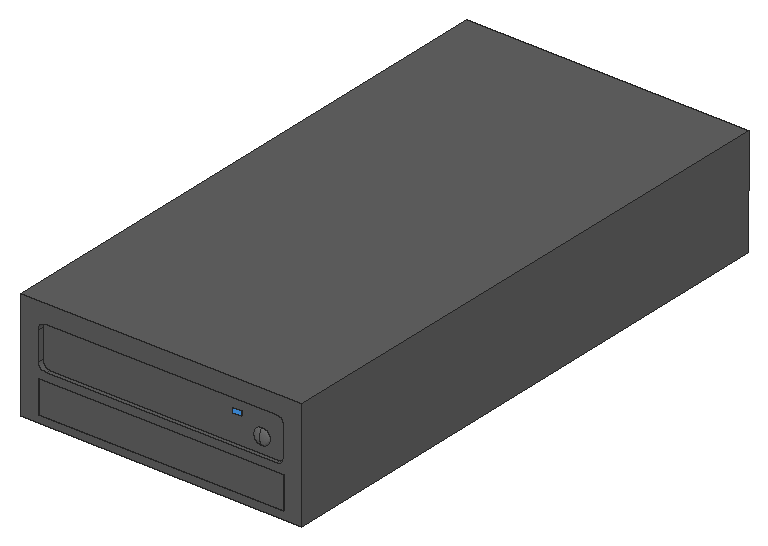
Revit family "Network IO Expander-Audio-Q-SYS-QIO-TEL2", category Communication Devices, host Face, Revit 2022
Family settings
  Host = Face
  Round Connector Dimension = Use Diameter
  Part Type = Normal
  OmniClass Number = 23.85.10.17.11
  OmniClass Title = Audio-Visual System Components
  Cut with Voids When Loaded = No
  Maintain Annotation Orientation = No
  Shared = No
  Room Calculation Point = No
Parameters (values of type "TEL2")
  Width = 109.0 mm
  Weight Product = 1.63
  Weight Dimensional = 1.63
  Weight = 1.63 lbm
  Voltage = 24 V
  URL = "https://www.qsys.com/"
  Type Comments = "TEL2"
  Product Page URL = "https://www.qsys.com/products/q-sys/control-io-controllers/qio-series/qio-tel2/?L=0"
  Product Documentation Link = "https://www.qsys.com/resource-files/productresources/dn/qio_series/q_dn_qio_tel2_spec_sheet.pdf"
  Power Factor = 0.9
  Part Number = ""
  Number of Poles = 2
  Model = "TEL2"
  Minimum Circuit Amps = 2.5 A
  Manufacturer URL = "https://www.qsys.com/"
  Manufacturer = "Q-SYS"
  Load Classification = Other
  Length 1 = 3.0 mm
  LED Material = Plastic - Q-SYS - LED Blue
  IQ Category = "Network IO Expander"  # constant formula
  Highlight Material = Plastic - Q-SYS - Black
  Height = 42.4 mm
  Grille Material = Paint - Q-SYS - Black Mesh 2
  Frame Depth = 2.0 mm
  Description = "Surface mounted analog telephony expander for Q-SYS platform."
  Depth = 215.9 mm
  Default Elevation = 1219.2 mm
  Body Width = Width  # 109.0 mm
  Body Offset = 0.0 mm
  Body Material = Paint - Q-SYS - Black
  Apparent Load = Voltage * Minimum Circuit Amps / Power Factor  # 66.6667 VA
Reference planes
  plane 1 "Center (Front/Back)": y = 0
  plane 2: z = 0
  plane 3 "Center (Left/Right)": x = 0
  plane 4 "Back": y = 107.95
  plane 5 "Front": y = -107.95
  plane 6 "Left": x = -54.5
  plane 7 "Right": x = 54.5
  plane 8 "body left": x = -54.5
  plane 9 "body right": x = 54.5
  plane 10 "Bottom": z = 0
  plane 11 "Top": z = 42.4
  plane 12 "body bottom": z = 0
  plane 13: z = 35.4
  plane 14: z = 18.4
  plane 15: x = -47.5
  plane 16: x = 47.5
  plane 17: y = -105.95
  plane 18: x = 37.5
  plane 19: z = 24.4
  plane 20: y = -103.95
Forms (mm)
  Extrusion 1, solid, detail levels coarse
    sketch origin (0, 0, 0) x (1, 0, 0) y (0, 1, 0)
      loop
        line (-54.5, 107.95) -> (-54.5, -107.95) -> (54.5, -107.95) -> (54.5, 107.95) -> (-54.5, 107.95)
    from 0 to 42.4
  Extrusion 2, solid, material "Paint - Q-SYS - Black" <- "Body Material", detail levels medium+fine
    sketch origin (0, 0, 42.4) x (-1, 0, 0) y (0, -1, 0)
      loop
        line (54.5, -107.95) -> (54.5, 107.95) -> (-54.5, 107.95) -> (-54.5, -107.95) -> (54.5, -107.95)
    from -42.4 to 0
  Extrusion 3, void
    sketch origin (0, -107.95, 0) x (-1, 0, 0) y (0, 0, 1)
      loop
        line (44.5, 35.4) -> (-44.5, 35.4)
        arc (-44.5, 35.4) -> (-46.621, 34.521) -> (-47.5, 32.4) r 3
        line (-47.5, 32.4) -> (-47.5, 21.4)
        arc (-47.5, 21.4) -> (-46.621, 19.279) -> (-44.5, 18.4) r 3
        line (-44.5, 18.4) -> (44.5, 18.4)
        arc (44.5, 18.4) -> (46.621, 19.279) -> (47.5, 21.4) r 3
        line (47.5, 21.4) -> (47.5, 32.4)
        arc (47.5, 32.4) -> (46.621, 34.521) -> (44.5, 35.4) r 3
    from 0 to 2
  Extrusion 4, void
    sketch origin (0, -107.95, 0) x (-1, 0, 0) y (0, 0, 1)
      loop
        line (-47.5, 15.4) -> (-47.5, 3) -> (47.5, 3) -> (47.5, 15.4) -> (-47.5, 15.4)
    from 2 to 0
  Extrusion 5, solid, material "Paint - Q-SYS - Black Mesh 2" <- "Grille Material", detail levels medium+fine
    sketch origin (0, -107.95, 0) x (-1, 0, 0) y (0, 0, 1)
      loop
        line (-47.5, 15.4) -> (-47.5, 3) -> (47.5, 3) -> (47.5, 15.4) -> (-47.5, 15.4)
    from 2 to 0
  Revolve 6, solid, material "Plastic - Q-SYS - Black" <- "Highlight Material", detail levels fine
    sketch origin (37.5, -4572, 54.072) x (0, 0, 1) y (0, -1, 0)
      loop
        line (-29.672, -4466.05) -> (-26.63, -4466.05)
        spline (-26.63, -4466.05) -> (-26.656, -4465.919) -> (-26.733, -4465.791) -> (-26.861, -4465.667) -> (-27.037, -4465.55) -> (-27.258, -4465.441) -> (-27.521, -4465.343) -> (-27.82, -4465.257) -> (-28.151, -4465.184) -> (-28.507, -4465.126) -> (-28.884, -4465.084) -> (-29.275, -4465.059) -> (-29.672, -4465.05)
        line (-29.672, -4465.05) -> (-29.672, -4466.05)
      axis (-29.672, -4466.05) -> (-29.672, -4465.05)
    angle from 0 to 360
  Extrusion 7, solid, material "Plastic - Q-SYS - LED Blue" <- "LED Material", detail levels fine
    sketch origin (-210.176, -103.95, 1219.2) x (-1, 0, 0) y (0, 0, 1)
      loop
        line (-236.544, -1188.705) -> (-239.792, -1188.705) -> (-239.792, -1190.329) -> (-236.544, -1190.329) -> (-236.544, -1188.705)
    from 0 to -2.2
  Extrusion 8, solid, material "Paint - Q-SYS - Black" <- "Body Material", detail levels medium+fine
    sketch origin (0, 107.95, 0) x (-1, 0, 0) y (0, 0, 1)
      loop
        line (-23.5, 16) -> (-23.5, 7) -> (-12.5, 7) -> (-12.5, 16) -> (-23.5, 16)
      loop
        line (-0.5, 7) -> (-0.5, 16) -> (-11.5, 16) -> (-11.5, 7) -> (-0.5, 7)
    from 0 to -1
Cuts and joins
  Extrusion 3, Extrusion 4 cuts Extrusion 2
Lines and regions (mm)
  Masking region 1, detail levels coarse
    outline origin (0, 0, 0) x (1, 0, 0) y (0, 1, 0)
      loop
        line (-54.5, 107.95) -> (-54.5, -107.95) -> (54.5, -107.95) -> (54.5, 107.95) -> (-54.5, 107.95)
  Masking region 2, detail levels coarse
    outline origin (0, 0, 0) x (1, 0, 0) y (0, 0, 1)
      loop
        line (54.5, 42.4) -> (-54.5, 42.4) -> (-54.5, 0) -> (54.5, 0) -> (54.5, 42.4)
  Masking region 3, detail levels medium+fine
    outline origin (0, 0, 0) x (1, 0, 0) y (0, 0, 1)
      loop
        line (54.5, 42.4) -> (-54.5, 42.4) -> (-54.5, 0) -> (54.5, 0) -> (54.5, 42.4)
  Masking region 4, detail levels coarse
    outline origin (0, 0, 0) x (0, 1, 0) y (0, 0, 1)
      loop
        line (-107.95, 42.4) -> (-107.95, 0) -> (107.95, 0) -> (107.95, 42.4) -> (-107.95, 42.4)
  Masking region 5, detail levels medium+fine
    outline origin (0, 0, 0) x (0, 1, 0) y (0, 0, 1)
      loop
        line (-107.95, 42.4) -> (-107.95, 0) -> (107.95, 0) -> (107.95, 42.4) -> (-107.95, 42.4)
  Masking region 6, detail levels medium+fine
    outline origin (0, 0, 42.4) x (-1, 0, 0) y (0, -1, 0)
      loop
        line (-54.5, -107.95) -> (54.5, -107.95) -> (54.5, 107.95) -> (-54.5, 107.95) -> (-54.5, -107.95)
  symbolic lines, style "Detail", detail levels fine
    curve 1: circle (37.5, -107.95, 24.4) r 3.042 normal (0, 1, 0)
    curve 10: line (26.367, -107.95, 28.871) -> (29.615, -107.95, 28.871)
    curve 11: line (29.615, -107.95, 28.871) -> (29.615, -107.95, 30.495)
    curve 12: line (29.615, -107.95, 30.495) -> (26.367, -107.95, 30.495)
    curve 13: line (26.367, -107.95, 30.495) -> (26.367, -107.95, 28.871)
  symbolic lines, style "Outline", detail levels medium+fine
    curve 2: line (-44.5, -107.95, 35.4) -> (44.5, -107.95, 35.4)
    curve 3: arc (44.5, -107.95, 35.4) -> (46.621, -107.95, 34.521) -> (47.5, -107.95, 32.4) r 3
    curve 4: line (47.5, -107.95, 32.4) -> (47.5, -107.95, 21.4)
    curve 5: arc (47.5, -107.95, 21.4) -> (46.621, -107.95, 19.279) -> (44.5, -107.95, 18.4) r 3
    curve 6: line (44.5, -107.95, 18.4) -> (-44.5, -107.95, 18.4)
    curve 7: arc (-44.5, -107.95, 18.4) -> (-46.621, -107.95, 19.279) -> (-47.5, -107.95, 21.4) r 3
    curve 8: line (-47.5, -107.95, 21.4) -> (-47.5, -107.95, 32.4)
    curve 9: arc (-47.5, -107.95, 32.4) -> (-46.621, -107.95, 34.521) -> (-44.5, -107.95, 35.4) r 3
Dimensions and locks
  equal spacing: plane 4 "Back", plane 1 "Center (Front/Back)", plane 5 "Front"
  "Depth": plane 4 "Back" to plane 5 "Front"
  equal spacing: plane 6 "Left", plane 3 "Center (Left/Right)", plane 7 "Right"
  "Width": plane 6 "Left" to plane 7 "Right"
  "Height": plane 11 "Top" to plane 12 "body bottom"
  "Body Offset": plane 12 "body bottom" to plane 10 "Bottom"
  equal spacing: plane 8 "body left", plane 3 "Center (Left/Right)", plane 9 "body right"
  "Body Width": plane 8 "body left" to plane 9 "body right"
  locked: plane 13 to plane 14 at 17
  locked: plane 11 "Top" to plane 13 at 7
  locked: plane 9 "body right" to plane 16 at 7
  locked: plane 15 to plane 8 "body left" at 7
  "Frame Depth": plane 17 to plane 5 "Front"
  locked: plane 19 to plane 14 at 6
  "Frame Depth": plane 20 to plane 17
  plane 16 to plane 18 = 10.0 mm
  "Length 1": Extrusion 4 sketch curve to plane 12 "body bottom"
  "Length 1": plane 14 to Extrusion 4 sketch curve
  locked: Extrusion 8 sketch curve to Extrusion 8 sketch curve at 9
  locked: plane 12 "body bottom" to Extrusion 8 sketch curve at 7
  "Length 1": radius of Extrusion 3 sketch curve  (x4)
  aligned and locked: plane 2 to host face
  aligned and locked: level to host face
  aligned and locked: plane 6 "Left" to Extrusion 1 sketch curve
  aligned and locked: Extrusion 1 sketch curve to plane 4 "Back"
  aligned and locked: Extrusion 1 sketch curve to plane 7 "Right"
  aligned and locked: plane 5 "Front" to Extrusion 1 sketch curve
  aligned and locked: level to plane 10 "Bottom"
  aligned and locked: plane 6 "Left" to Masking region 1 sketch curve
  aligned and locked: Masking region 1 sketch curve to plane 7 "Right"
  aligned and locked: Masking region 1 sketch curve to plane 4 "Back"
  aligned and locked: plane 5 "Front" to Masking region 1 sketch curve
  aligned and locked: Masking region 2 sketch curve to Extrusion 1  (x4)
  aligned and locked: Extrusion 1 to plane 10 "Bottom"
  aligned and locked: plane 11 "Top" to Extrusion 1
  aligned and locked: Masking region 4 sketch curve to Extrusion 1  (x4)
  aligned and locked: Extrusion 2 sketch curve to plane 9 "body right"
  aligned and locked: plane 5 "Front" to Extrusion 2 sketch curve
  aligned and locked: plane 8 "body left" to Extrusion 2 sketch curve
  aligned and locked: Extrusion 2 sketch curve to plane 4 "Back"
  aligned and locked: Extrusion 2 to plane 12 "body bottom"
  aligned and locked: plane 11 "Top" to Extrusion 2
  aligned and locked: plane 15 to Extrusion 3 sketch curve
  aligned and locked: Extrusion 3 sketch curve to plane 16
  aligned and locked: plane 17 to Extrusion 3
  aligned and locked: Extrusion 3 to plane 5 "Front"
  aligned and locked: Extrusion 4 to plane 17
  aligned and locked: cut or joined group of Extrusion 2, Extrusion 3, Extrusion 4 to Extrusion 5 sketch curve  (x2)
  aligned and locked: Extrusion 5 sketch curve to cut or joined group of Extrusion 2, Extrusion 3, Extrusion 4  (x2)
  aligned and locked: Extrusion 5 to plane 17
  aligned and locked: Revolve 6 sketch curve to plane 19
  aligned and locked: Masking region 6 sketch curve to cut or joined group of Extrusion 2, Extrusion 3, Extrusion 4  (x4)
  aligned and locked: curve 1 to Revolve 6
  aligned and locked: curve 3 to cut or joined group of Extrusion 2, Extrusion 3, Extrusion 4
  aligned and locked: curve 5 to cut or joined group of Extrusion 2, Extrusion 3, Extrusion 4
  aligned and locked: curve 7 to cut or joined group of Extrusion 2, Extrusion 3, Extrusion 4
  aligned and locked: curve 9 to cut or joined group of Extrusion 2, Extrusion 3, Extrusion 4
  aligned and locked: plane 16 to Extrusion 4 sketch curve
  aligned and locked: Extrusion 4 sketch curve to plane 15
  aligned and locked: curve 10 to Extrusion 7
  aligned and locked: curve 11 to Extrusion 7
  aligned and locked: curve 12 to Extrusion 7
  aligned and locked: curve 13 to Extrusion 7
Automatic sketch dimensions
  host sketch curve to host sketch curve = 2438.4 mm  (x2)
  plane 19 to Extrusion 7 sketch curve = 4.471 mm
  Extrusion 7 sketch curve to Extrusion 7 sketch curve = 1.624 mm
  Extrusion 7 sketch curve to plane 16 = 17.885 mm
  Extrusion 7 sketch curve to Extrusion 7 sketch curve = 3.248 mm
  Masking region 3 sketch curve to plane 6 "Left" = 0.0 mm
  Masking region 3 sketch curve to level = 0.0 mm
  Masking region 3 sketch curve to plane 7 "Right" = 0.0 mm
  Masking region 3 sketch curve to plane 11 "Top" = 0.0 mm
  Masking region 5 sketch curve to plane 5 "Front" = 0.0 mm
  Masking region 5 sketch curve to level = 0.0 mm
  Masking region 5 sketch curve to plane 4 "Back" = 0.0 mm
  Masking region 5 sketch curve to plane 11 "Top" = 0.0 mm
  Revolve 6 sketch curve to plane 17 = 0.0 mm
  Revolve 6 sketch curve to plane 19 = 0.0 mm  (x2)
  Revolve 6 sketch curve to Revolve 6 sketch curve = 3.042 mm
  plane 17 to Revolve 6 sketch curve = 1.0 mm
  plane 20 to Revolve 6 sketch curve = 22.85 mm
  Revolve 6 sketch curve to plane 5 "Front" = 26.848 mm
  Extrusion 8 sketch curve to Extrusion 8 sketch curve = 0.0 mm  (x2)
  Extrusion 8 sketch curve to Extrusion 8 sketch curve = 11.0 mm  (x2)
  Extrusion 8 sketch curve to Extrusion 8 sketch curve = 1.0 mm
  plane 3 "Center (Left/Right)" to Extrusion 8 sketch curve = 0.5 mm
  Extrusion 3 sketch curve to plane 14 = 0.0 mm
  Extrusion 3 sketch curve to plane 13 = 0.0 mm
Connectors
  electrical at (0, 107.95, 21.2)
    settings: on cut or joined group of Extrusion 2, Extrusion 3, Extrusion 4, index 2, voltage 0 V, apparent load 0 VA, apparent load phase1 0 VA, apparent load phase2 0 VA, apparent load phase3 0 VA, power factor 1, load classification "Other", number of poles 1, system type 5, power factor state 1, is connector primary yes, connector utility no, sub classification motor no, connector description "Ethernet Network"
  electrical at (18, 107.95, 11.5)
    settings: on Extrusion 8, index 4, voltage 0 V, apparent load 0 VA, apparent load phase1 0 VA, apparent load phase2 0 VA, apparent load phase3 0 VA, power factor 1, load classification "Other", number of poles 1, system type 9, power factor state 1, is connector primary no, connector utility no, sub classification motor no, connector description "POTS 1"
  electrical at (6, 107.95, 11.5)
    settings: on Extrusion 8, index 5, voltage 0 V, apparent load 0 VA, apparent load phase1 0 VA, apparent load phase2 0 VA, apparent load phase3 0 VA, power factor 1, load classification "Other", number of poles 1, system type 9, power factor state 1, is connector primary no, connector utility no, sub classification motor no, connector description "POTS 2"
  electrical at (0, 107.95, 21.2), driven by "Number of Poles", driven by "Load Classification", driven by "Voltage", driven by "Apparent Load", driven by "Power Factor"
    settings: on cut or joined group of Extrusion 2, Extrusion 3, Extrusion 4, index 6, voltage 24 V, apparent load 66.6667 VA, apparent load phase1 0 VA, apparent load phase2 0 VA, apparent load phase3 0 VA, power factor 0.9, load classification "Other", number of poles 2, system type 30, power factor state 1, is connector primary no, connector utility no, sub classification motor no, connector description "Power"
